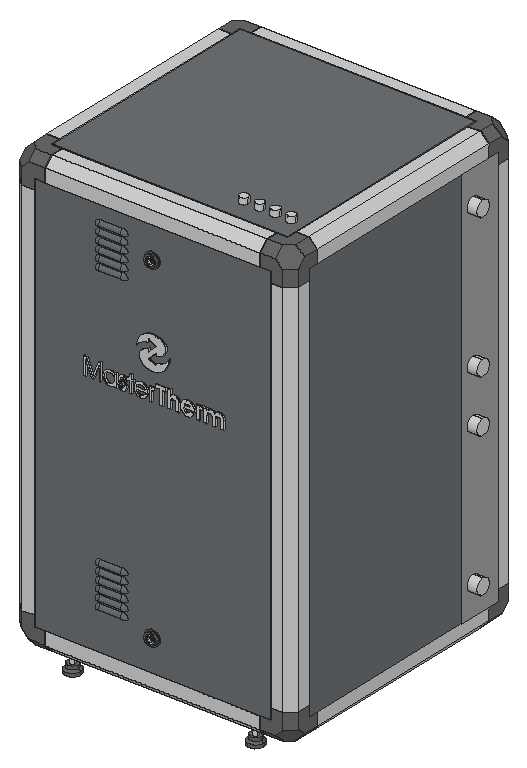
Revit family "AquaMaster-Inverter-P_ENG-RFA-2022", category Mechanické zařízení, Revit 2022
Family settings
  Kóta kulaté spojky = Použít průměr
  Typ dílu = Normální
  Číslo OmniClass = 23.75.00.00
  Nadpis OmniClass = Climate Control (HVAC)
  Založené na pracovní rovině = Ne
  Vždy vertikální = Ano
  Ořezat dutým tvarem při načtení = Ne
  Zachovat orientaci poznámky = Ne
  Sdílené = Ne
  Bod výpočtu místnosti = Ne
Parameters (values of type "AQ17IP")
  Výrobce = "Master Therm"  # constant formula
  Výchozí výška = 0.00 mm
  URL = "https://www.mastertherm.eu/aqua-master-inverter-p-heat-pump"
  Popis = "Ground-to-water heat pump (R290)"  # constant formula
  Model = if(MT_TYPE = 17, "AquaMaster 17 Inverter P", if(MT_TYPE = 22, "AquaMaster 22 Inverter P", if(MT_TYPE = 30, "AquaMaster 30 Inverter P", if(MT_TYPE = 37, "AquaMaster 37 Inverter P", "AquaMaster 45 Inverter P"))))  # "AquaMaster 17 Inverter P"
  MT_weight (kg) = if(MT_TYPE = 17, 75, if(MT_TYPE = 22, 80, if(MT_TYPE = 30, 165, 180)))  # 75
  MT_voltage (V) = if(MT_TYPE > 30, 400 V, 230 V)  # 230 V
  MT_service space_YES [instance] = no
  MT_pipe mat = MT_angle-corner
  MT_pipe connector mat = MT_RGB-130-130-130
  MT_max. current, incl. aux. heater (A) = if(or(MT_TYPE = 22, MT_TYPE = 37), 20 A, if(or(MT_TYPE = 30, MT_TYPE = 45), 25 A, 16 A))  # 16 A
  MT_ground height = 30.00 mm  # constant formula
  MT_frequency (Hz) = 50 Hz  # constant formula
  MT_clearance top = MT_case height + 600.00 mm  # 1440.00 mm
  MT_clearance right = if(MT_case height = 840.00 mm, 600.00 mm, 400.00 mm)  # 600.00 mm
  MT_clearance left = if(MT_case height = 840.00 mm, 200.00 mm, 400.00 mm)  # 200.00 mm
  MT_clearance front = 600.00 mm  # constant formula
  MT_clearance back = 200.00 mm  # constant formula
  MT_apparent power = 0 VA  # constant formula
  MT_active power = 0 W  # constant formula
  MT_hot water – inlet [instance] = 0.0 L/s
  MT_vent grille_YES = MT_TYPE < 30  # yes
  MT_brine – inlet [instance] = 0.0 L/s
  MT_hot water – outlet [instance] = 0.0 L/s
  MT_pipe connector_X = if(MT_case height = 1200.00 mm, MT_case width - 2.00 mm * 40, MT_case height - 2.00 mm * 40)  # 760.00 mm
  MT_pipe connector offset = if(MT_case height = 1200.00 mm, MT_case width - 40.00 mm, MT_case height - 40.00 mm)  # 800.00 mm
  MT_pipe connector_Y = if(MT_case height = 1200.00 mm, 120.00 mm, 85.00 mm)  # 85.00 mm
  MT_pipe connector angle = if(MT_case height = 1200.00 mm, 0.00°, 90.00°)  # 90.00°
  MT_pivot offset = if(MT_case height = 1200.00 mm, 0.00 mm, MT_case width)  # 526.00 mm
  MT_cover top_Y = MT_cover side_X  # 446.00 mm
  MT_cover top_X = MT_cover front_X  # 446.00 mm
  MT_cover side_Y = MT_cover front_Y  # 760.00 mm
  MT_cover side_X = MT_case depth - 2.00 mm * 40  # 446.00 mm
  MT_cover front_Y = MT_case height - 2.00 mm * 40  # 760.00 mm
  MT_cover front_X = MT_case width - 2.00 mm * 40  # 446.00 mm
  MT_center lock_YES = MT_TYPE < 30  # yes
  MT_case width = 526.00 mm  # constant formula
  MT_case mat = MT_RAL7016
  MT_case height = if(MT_TYPE > 22, 1200.00 mm, 840.00 mm)  # 840.00 mm
  MT_case depth = if(MT_TYPE > 22, 716.00 mm, 526.00 mm)  # 526.00 mm
  MT_angle offset = 60.00 mm  # constant formula
  MT_angle length_Z = MT_case height - 2 * MT_angle offset  # 720.00 mm
  MT_angle length_Y = MT_case depth - 2 * MT_angle offset  # 406.00 mm
  MT_angle length_X = MT_case width - 2 * MT_angle offset  # 406.00 mm
  MT_brine – outlet [instance] = 0.0 L/s
  MT_TYPE = 17
  MT_EO offset_X = if(MT_case height = 840.00 mm, 60.00 mm, 273.00 mm)  # 60.00 mm
  MT_EO diameter = if(MT_TYPE > 37, 35.00 mm, 28.00 mm)  # 28.00 mm
  MT_EI offset_X = if(MT_case height = 840.00 mm, 330.00 mm, 373.00 mm)  # 330.00 mm
  MT_EI diameter = if(MT_TYPE > 37, 35.00 mm, 28.00 mm)  # 28.00 mm
  MT_EC6 offset_Y = if(MT_TYPE > 22, 30.00 mm, 500.00 mm)  # 500.00 mm
  MT_EC6 offset_X = if(MT_case height = 1200.00 mm, 421.00 mm, 115.00 mm)  # 115.00 mm
  MT_EC5-EC6_YES = MT_TYPE > 22  # no
  MT_EC5 offset_Y = if(MT_TYPE > 22, 60.00 mm, 500.00 mm)  # 500.00 mm
  MT_EC5 offset_X = if(MT_case height = 1200.00 mm, 421.00 mm, 115.00 mm)  # 115.00 mm
  MT_EC4 offset_Y = if(MT_TYPE > 22, 90.00 mm, 500.00 mm)  # 500.00 mm
  MT_EC4 offset_X = if(MT_case height = 1200.00 mm, 421.00 mm, 115.00 mm)  # 115.00 mm
  MT_EC3 offset_Y = if(MT_TYPE > 22, 30.00 mm, 500.00 mm)  # 500.00 mm
  MT_EC3 offset_X = if(MT_TYPE > 22, 25.00 mm, 85.00 mm)  # 85.00 mm
  MT_EC2 offset_Y = if(MT_TYPE > 22, 60.00 mm, 500.00 mm)  # 500.00 mm
  MT_EC2 offset_X = if(MT_TYPE > 22, 25.00 mm, 55.00 mm)  # 55.00 mm
  MT_EC1 offset_Y = if(MT_TYPE > 22, 90.00 mm, 500.00 mm)  # 500.00 mm
  MT_EC1 offset_X = 25.00 mm  # constant formula
  MT_CosPhi = 0  # constant formula
  MT_CO offset_X = if(MT_case height = 840.00 mm, 700.00 mm, 173.00 mm)  # 700.00 mm
  MT_CO diameter = 28.00 mm  # constant formula
  MT_CI offset_X = if(MT_case height = 840.00 mm, 430.00 mm, 73.00 mm)  # 430.00 mm
  MT_CI diameter = 28.00 mm  # constant formula
  Komentáře k typům = "COMPRESSOR: BLDC Inverter; 20 – 60 rps; oil – (RFL68EP) – 0.74 l; max. op. current – 12 A; EVAPORATOR: PHE; AISI316; water flow (W/W) – 0.22 kg/s; min. flow – 0.17 kg/s; brine flow (B/W) – 0.18 kg/s; min. flow – 0.11 kg/s; temp. difference – 3 K; int. volume – 2.0 l; pump ext. head – 6.0 m; pump motor – 70 W; CONDENSER: PHE; AISI316; water flow – 0.12 kg/s; min. flow – 0.06 kg/s; temp. difference – 5 K; int. volume – 2.0 l; pump ext. head – 5.0 m; pump motor – 70 W; REFRIGERANT CIRCUIT: R290 (0.152 kg); AUX. HEATER (optional): not available; CONTROLS: controller – pCO5; EEV – yes; water probe – yes; mixing probe/output – yes (2x); SHW probe/output – yes; outdoor probe – yes; dynamic set point – yes; refrigerant probe – 2xPT; POWER SUPPLY: 1x230 V; 50 Hz; max. current – 16 A; DIMENSIONS: hot water, brine – 1\", 1\" (OD); 84x53x53 cm; 75 kg; LIMITS: max. water overpress. – 0.25 MPa; max. refr. overpress. – 3.1 MPa; brine min./max.: -5/+20 °C; water min./max.: 20/75 °C"
  El. connection = if(MT_TYPE > 22, "2xPG16; 4xPG13.5", "4xPG16")  # "4xPG16"
  EO_brine – outlet = if(MT_TYPE > 37, "5/4'' (OD)", "1'' (OD)")  # "1'' (OD)"
  EI_brine – inlet = if(MT_TYPE > 37, "5/4'' (OD)", "1'' (OD)")  # "1'' (OD)"
  Cena = 0
  CO_hot water – outlet = "1'' (OD)"  # constant formula
  COPYRIGHT = "© Master Therm tepelná čerpadla s. r. o."  # constant formula
  CI_hot water – inlet = "1'' (OD)"  # constant formula
Reference planes
  plane 1 "Střed (vpředu/vzadu)": y = 0
  plane 2: z = 0
  plane 3 "Střed (vlevo/vpravo)": x = 0
  plane 4 "side_cover": x = 263
  plane 5: x = -263
  plane 6 "front_cover": y = -263
  plane 7: y = 263
  plane 8: z = 870
  plane 9: z = 90
  plane 10: z = 810
  plane 11: x = -203
  plane 12: x = 203
  plane 13: y = -203
  plane 14: y = 203
  plane 15: z = 450
  plane 16 "MT_pivot point": x = 263
  plane 17 "MT_case bottom": z = 30
Forms (mm)
  Extrusion 1, solid, material "MT_RAL7016" <- "MT_case mat"
    sketch origin (0, 0, 0) x (1, 0, 0) y (0, 1, 0)
      loop
        line (-223, 223) -> (-223, -223) -> (223, -223) -> (223, 223) -> (-223, 223)
    from 30 to 870
  Extrusion 2, solid, material "MT_RAL7016" <- "MT_case mat"
    sketch origin (0, -263, 0) x (-1, 0, 0) y (0, 0, 1)
      loop
        line (223, 830) -> (-223, 830) -> (-223, 70) -> (223, 70) -> (223, 830)
    from 0 to 526 <- "MT_case depth"
  Extrusion 3, solid, material "MT_RAL7016" <- "MT_case mat"
    sketch origin (-263, 660.254, 1200) x (0, 1, 0) y (0, 0, 1)
      loop
        line (-883.254, -370) -> (-883.254, -1130) -> (-437.254, -1130) -> (-437.254, -370) -> (-883.254, -370)
    from 0 to 526 <- "MT_case width"
Lines and regions (mm)
  reference lines
    curve 1: line (263, 318, 870) -> (1603, 318, 870)
    curve 2: line (263, 318, 870) -> (263, 318, -1190)
    curve 3: line (-463, 463, 0) -> (863, 463, 0)
    curve 4: line (-463, -863, 0) -> (-463, 463, 0)
    curve 5: line (863, -863, 0) -> (-463, -863, 0)
    curve 6: line (863, 463, 0) -> (863, -863, 0)
    curve 7: line (-463, 463, 0) -> (-463, 463, 1440)
    curve 8: line (-463, 463, 1440) -> (863, 463, 1440)
    curve 9: line (863, 463, 0) -> (863, 463, 1440)
    curve 10: line (863, 463, 0) -> (863, 463, 1440)
    curve 11: line (863, 463, 1440) -> (863, -863, 1440)
    curve 12: line (863, -863, 0) -> (863, -863, 1440)
    curve 13: line (-463, 463, 1440) -> (-463, -863, 1440)
    curve 14: line (-463, -863, 0) -> (-463, -863, 1440)
    curve 15: line (-463, -863, 1440) -> (863, -863, 1440)
  model lines, style "MT_service space", visible <- "MT_service space_YES"
    curve 16: line (-463, -863, 1440) -> (863, -863, 1440)
    curve 17: line (-463, 463, 1440) -> (-463, -863, 1440)
    curve 18: line (-463, 463, 1440) -> (863, 463, 1440)
    curve 19: line (863, 463, 1440) -> (863, -863, 1440)
    curve 20: line (863, 463, 0) -> (863, -863, 0)
    curve 21: line (-463, 463, 0) -> (863, 463, 0)
    curve 22: line (863, -863, 0) -> (-463, -863, 0)
    curve 23: line (-463, -863, 0) -> (-463, 463, 0)
    curve 24: line (-463, -863, 0) -> (-463, -863, 1440)
    curve 25: line (-463, 463, 0) -> (-463, 463, 1440)
    curve 26: line (863, -863, 0) -> (863, -863, 1440)
    curve 27: line (863, 463, 0) -> (863, 463, 1440)
Dimensions and locks
  equal spacing: plane 5, plane 3 "Střed (vlevo/vpravo)", plane 4 "side_cover"
  "MT_case width": plane 5 to plane 4 "side_cover"
  equal spacing: plane 7, plane 1 "Střed (vpředu/vzadu)", plane 6 "front_cover"
  "MT_case depth": plane 7 to plane 6 "front_cover"
  "MT_case height": plane 8 to plane 17 "MT_case bottom"
  "MT_angle offset": plane 9 to plane 17 "MT_case bottom"
  "MT_angle offset": plane 8 to plane 10
  "MT_angle offset": plane 11 to plane 5
  "MT_angle offset": plane 4 "side_cover" to plane 12
  "MT_angle offset": plane 13 to plane 6 "front_cover"
  "MT_angle offset": plane 7 to plane 14
  equal spacing: Extrusion 1 sketch curve, plane 3 "Střed (vlevo/vpravo)", Extrusion 1 sketch curve
  "MT_cover top_X": Extrusion 1 sketch curve to Extrusion 1 sketch curve
  equal spacing: nested 17, plane 1 "Střed (vpředu/vzadu)", Extrusion 1 sketch curve
  "MT_cover top_Y": nested 17 to Extrusion 1 sketch curve
  equal spacing: Extrusion 2 sketch curve, plane 3 "Střed (vlevo/vpravo)", Extrusion 2 sketch curve
  "MT_cover front_X": Extrusion 2 sketch curve to Extrusion 2 sketch curve
  equal spacing: plane 8, plane 15, plane 17 "MT_case bottom"
  equal spacing: Extrusion 2 sketch curve, plane 15, Extrusion 2 sketch curve
  "MT_cover front_Y": Extrusion 2 sketch curve to Extrusion 2 sketch curve
  equal spacing: Extrusion 3 sketch curve, plane 15, Extrusion 3 sketch curve
  "MT_cover side_Y": Extrusion 3 sketch curve to Extrusion 3 sketch curve
  "MT_cover side_X": Extrusion 3 sketch curve to Extrusion 3 sketch curve
  equal spacing: Extrusion 3 sketch curve, plane 1 "Střed (vpředu/vzadu)", Extrusion 3 sketch curve
  locked: plane 8 to nested 23 at 100
  locked: nested 21 to plane 8 at 340
  locked: nested 22 to plane 8 at 150
  locked: plane 4 "side_cover" to nested 22 at 370
  "MT_pivot offset": plane 16 "MT_pivot point" to plane 5
  curve 1 to plane 8 = 0.00 mm
  "MT_pipe connector offset": nested 25 to curve 2
  "MT_clearance right": plane 4 "side_cover" to curve 6
  "MT_clearance left": curve 4 to plane 5
  "MT_clearance back": plane 7 to curve 3
  "MT_clearance front": plane 6 "front_cover" to curve 5
  "MT_clearance top": curve 15 to plane 2
  "MT_ground height": plane 17 "MT_case bottom" to plane 2
  locked: plane 6 "front_cover" to nested 26 at 28
  locked: plane 5 to nested 26 at 90
  locked: plane 5 to nested 28 at 90
  locked: nested 28 to plane 7 at 28
  locked: nested 27 to plane 4 "side_cover" at 90
  locked: nested 27 to plane 6 "front_cover" at 28
  locked: nested 29 to plane 7 at 28
  locked: nested 29 to plane 4 "side_cover" at 90
  locked: plane 4 "side_cover" to nested 24 at 370
  locked: nested 31 to plane 17 "MT_case bottom" at 100
  "MT_pipe connector angle": angle curve 2 to curve 1
  aligned and locked: level to plane 2
  aligned and locked: plane 7 to nested 2
  aligned and locked: plane 5 to nested 2
  aligned and locked: plane 6 "front_cover" to nested 3
  aligned and locked: nested 3 to plane 5
  aligned and locked: nested 4 to plane 4 "side_cover"
  aligned and locked: nested 4 to plane 6 "front_cover"
  aligned and locked: plane 4 "side_cover" to nested 5
  aligned and locked: nested 5 to plane 7
  aligned and locked: plane 6 "front_cover" to nested 1
  aligned and locked: nested 1 to plane 5
  aligned and locked: nested 6 to plane 6 "front_cover"
  aligned and locked: nested 6 to plane 4 "side_cover"
  aligned and locked: nested 7 to plane 7
  aligned and locked: plane 4 "side_cover" to nested 7
  aligned and locked: plane 5 to nested 8
  aligned and locked: plane 7 to nested 8
  aligned and locked: plane 8 to nested 6
  aligned and locked: plane 8 to nested 7
  aligned and locked: plane 8 to nested 1
  aligned and locked: plane 8 to nested 8
  aligned and locked: nested 3 to plane 9
  aligned and locked: nested 2 to plane 9
  aligned and locked: nested 4 to plane 9
  aligned and locked: nested 5 to plane 9
  aligned and locked: nested 13 to plane 11
  aligned and locked: nested 14 to plane 11
  aligned and locked: plane 8 to nested 14
  aligned and locked: nested 13 to plane 6 "front_cover"
  aligned and locked: plane 6 "front_cover" to nested 14
  aligned and locked: nested 15 to plane 13
  aligned and locked: nested 15 to plane 4 "side_cover"
  aligned and locked: plane 4 "side_cover" to nested 16
  aligned and locked: nested 16 to plane 13
  aligned and locked: plane 11 to nested 18
  aligned and locked: plane 7 to nested 18
  aligned and locked: plane 11 to nested 17
  aligned and locked: nested 17 to plane 7
  aligned and locked: nested 18 to plane 8
  aligned and locked: plane 13 to nested 20
  aligned and locked: plane 13 to nested 19
  aligned and locked: nested 19 to plane 5
  aligned and locked: plane 5 to nested 20
  aligned and locked: nested 19 to plane 8
  aligned and locked: nested 9 to plane 6 "front_cover"
  aligned and locked: plane 6 "front_cover" to nested 10
  aligned and locked: nested 12 to plane 7
  aligned and locked: nested 11 to plane 7
  aligned and locked: plane 5 to nested 11
  aligned and locked: plane 5 to nested 9
  aligned and locked: nested 12 to plane 4 "side_cover"
  aligned and locked: nested 10 to plane 4 "side_cover"
  aligned and locked: plane 8 to nested 15
  aligned and locked: plane 3 "Střed (vlevo/vpravo)" to nested 21
  aligned and locked: plane 16 "MT_pivot point" to curve 1
  aligned and locked: curve 2 to nested 25
  aligned and locked: curve 8 to curve 15
  aligned and locked: curve 13 to curve 15
  aligned and locked: curve 11 to curve 15
  aligned and locked: curve 16 to curve 15
  aligned and locked: curve 17 to curve 13
  aligned and locked: curve 18 to curve 8
  aligned and locked: curve 19 to curve 11
  aligned and locked: curve 20 to curve 6
  aligned and locked: curve 21 to curve 3
  aligned and locked: curve 22 to curve 5
  aligned and locked: curve 23 to curve 4
  aligned and locked: curve 24 to curve 14
  aligned and locked: curve 25 to curve 7
  aligned and locked: curve 26 to curve 12
  aligned and locked: curve 27 to curve 10
  aligned and locked: plane 17 "MT_case bottom" to nested 13
  aligned and locked: nested 17 to plane 17 "MT_case bottom"
  aligned and locked: plane 17 "MT_case bottom" to nested 9
  aligned and locked: plane 17 "MT_case bottom" to nested 11
  aligned and locked: Extrusion 1 to plane 17 "MT_case bottom"
  aligned and locked: nested 20 to plane 17 "MT_case bottom"
  aligned and locked: plane 17 "MT_case bottom" to nested 10
  aligned and locked: plane 17 "MT_case bottom" to nested 16
  aligned and locked: plane 17 "MT_case bottom" to nested 12
  aligned and locked: plane 8 to Extrusion 1
  aligned and locked: Extrusion 1 to nested 25
Automatic sketch dimensions
  curve 13 to curve 4 = 0.00 mm  (x2)
  curve 14 to curve 4 = 0.00 mm
  curve 10 to curve 6 = 0.00 mm  (x2)
  curve 6 to curve 12 = 0.00 mm
  curve 12 to curve 6 = 0.00 mm
  curve 7 to curve 3 = 0.00 mm  (x2)
  curve 9 to curve 3 = 0.00 mm  (x2)
  curve 24 to curve 14 = 0.00 mm  (x2)
  curve 14 to curve 25 = 0.00 mm  (x2)
  curve 26 to curve 12 = 0.00 mm  (x2)
  curve 27 to curve 12 = 0.00 mm  (x2)
  plane 14 to Extrusion 1 sketch curve = 20.00 mm
  curve 5 to curve 15 = 0.00 mm  (x2)
Nested families
  nested 1: "MT_corner-cap" at (-203, -263, 810) x (0, 1, 0) z (0, 0, 1), type "MT_corner-cap"
  nested 2: "MT_angle-cover" at (-263, 223, 90), MT_angle_lenght <- "MT_angle length_Z", type "MT_angle-cover"
    with MT_angle_lenght 720.00 mm
  nested 3: "MT_angle-cover" at (-223, -263, 90) x (0, 1, 0) z (0, 0, 1), MT_angle_lenght <- "MT_angle length_Z", type "MT_angle-cover"
    with MT_angle_lenght 720.00 mm
  nested 4: "MT_angle-cover" at (263, -223, 90) x (-1, 0, 0) z (0, 0, 1), MT_angle_lenght <- "MT_angle length_Z", type "MT_angle-cover"
    with MT_angle_lenght 720.00 mm
  nested 5: "MT_angle-cover" at (223, 263, 90) x (0, -1, 0) z (0, 0, 1), MT_angle_lenght <- "MT_angle length_Z", type "MT_angle-cover"
    with MT_angle_lenght 720.00 mm
  nested 6: "MT_corner-cap" at (263, -203, 810) x (-1, 0, 0) z (0, 0, 1), type "MT_corner-cap"
  nested 7: "MT_corner-cap" at (203, 263, 810) x (0, -1, 0) z (0, 0, 1), type "MT_corner-cap"
  nested 8: "MT_corner-cap" at (-263, 203, 810), type "MT_corner-cap"
  nested 9: "MT_corner-cap" at (-203, -263, 90) x (0, 1, 0) z (0, 0, -1), type "MT_corner-cap"
  nested 10: "MT_corner-cap" at (263, -203, 90) x (-1, 0, 0) z (0, 0, -1), type "MT_corner-cap"
  nested 11: "MT_corner-cap" at (-263, 203, 90) x (1, 0, 0) z (0, 0, -1), type "MT_corner-cap"
  nested 12: "MT_corner-cap" at (203, 263, 90) x (0, -1, 0) z (0, 0, -1), type "MT_corner-cap"
  nested 13: "MT_angle-cover" at (-203, -223, 30) x (0, 0, 1) z (1, 0, 0), MT_angle_lenght <- "MT_angle length_X", type "MT_angle-cover"
    with MT_angle_lenght 406.00 mm
  nested 14: "MT_angle-cover" at (-203, -263, 830) x (0, 1, 0) z (1, 0, 0), MT_angle_lenght <- "MT_angle length_X", type "MT_angle-cover"
    with MT_angle_lenght 406.00 mm
  nested 15: "MT_angle-cover" at (263, -203, 830) x (-1, 0, 0) z (0, 1, 0), MT_angle_lenght <- "MT_angle length_Y", type "MT_angle-cover"
    with MT_angle_lenght 406.00 mm
  nested 16: "MT_angle-cover" at (223, -203, 30) x (0, 0, 1) z (0, 1, 0), MT_angle_lenght <- "MT_angle length_Y", type "MT_angle-cover"
    with MT_angle_lenght 406.00 mm
  nested 17: "MT_angle-cover" at (-203, 223, 30) x (0, 0, 1) z (1, 0, 0), MT_angle_lenght <- "MT_angle length_X", type "MT_angle-cover"
    with MT_angle_lenght 406.00 mm
  nested 18: "MT_angle-cover" at (-203, 263, 830) x (0, -1, 0) z (1, 0, 0), MT_angle_lenght <- "MT_angle length_X", type "MT_angle-cover"
    with MT_angle_lenght 406.00 mm
  nested 19: "MT_angle-cover" at (-263, -203, 830) x (1, 0, 0) z (0, 1, 0), MT_angle_lenght <- "MT_angle length_Y", type "MT_angle-cover"
    with MT_angle_lenght 406.00 mm
  nested 20: "MT_angle-cover" at (-223, -203, 30) x (0, 0, 1) z (0, 1, 0), MT_angle_lenght <- "MT_angle length_Y", type "MT_angle-cover"
    with MT_angle_lenght 406.00 mm
  nested 21: "MT_logo" at (-127.744, -263, 530) x (1, 0, 0) z (0, -1, 0), type "MT_logo"
  nested 22: "MT_vent-grille" at (-107, -263, 720) x (1, 0, 0) z (0, -1, 0), visible <- "MT_vent grille_YES", type "MT_vent-grille"
  nested 23: "MT_case-lock" at (0, -263, 770) x (1, 0, 0) z (0, -1, 0), visible <- "MT_center lock_YES", type "MT_case-lock"
  nested 24: "MT_vent-grille" at (-107, -263, 145) x (1, 0, 0) z (0, -1, 0), visible <- "MT_vent grille_YES", type "MT_vent-grille"
  nested 25: "MT_pipe connector" at (263, 223, 830) x (0, 0, -1) z (1, 0, 0), type "MT_pipe connector"
    with MT_pipe connector_X2 760.00 mm, MT_pipe connector_Y2 85.00 mm, MT_EO offset_X2 60.00 mm, MT_EI offset_X2 330.00 mm, MT_CO offset_X2 700.00 mm, MT_CI offset_X2 430.00 mm
  nested 26: "MT_adj feet" at (-173, -235, 0), type "MT_adj feet"
  nested 27: "MT_adj feet" at (173, -235, 0), type "MT_adj feet"
  nested 28: "MT_adj feet" at (-173, 235, 0), type "MT_adj feet"
  nested 29: "MT_adj feet" at (173, 235, 0), type "MT_adj feet"
  nested 30: "MT_el-connector" at (-537, 318, 870), type "MT_el-connector"
    with MT_EC5-EC6_YES2 no, MT_EC6_Y2 500.00 mm, MT_EC6_X2 115.00 mm, MT_EC5_Y2 500.00 mm, MT_EC5_X2 115.00 mm, MT_EC4_Y2 500.00 mm, MT_EC4_X2 115.00 mm, MT_EC3_Y2 500.00 mm, MT_EC3_X2 85.00 mm, MT_EC2_Y2 500.00 mm, MT_EC2_X2 55.00 mm, MT_EC1_Y2 500.00 mm, MT_EC1_X2 25.00 mm
  nested 31: "MT_case-lock" at (0, -263, 130) x (1, 0, 0) z (0, -1, 0), visible <- "MT_center lock_YES", type "MT_case-lock"
Connectors
  piping at (284, 163, 500), diameter 28, driven by "MT_CI diameter", driven by "MT_hot water – inlet", driven by "CI_hot water – inlet"
    settings: on nested 25, index 1, connector inside diameter 609.60 mm, connector length 0.00 mm, flow factor 1, pipe flow 0.0 L/s, pressure drop 0.0 Pa, fitting loss kfactor 0, connector angle 0.00°, fixture units 0, engagement length 0.00 mm, angle of deflection 0.00°, flow configuration 2, flow direction 1, fitting loss method 0, system type 29, joint type 0, gender type 0, connector reference index -1, connector utility 0, adjustable connector no, is connector primary yes, connector description "1'' (OD)"
  piping at (284, 163, 770), diameter 28, driven by "MT_CO diameter", driven by "MT_hot water – outlet", driven by "CO_hot water – outlet"
    settings: on nested 25, index 2, connector inside diameter 609.60 mm, connector length 0.00 mm, flow factor 1, pipe flow 0.0 L/s, pressure drop 0.0 Pa, fitting loss kfactor 0, connector angle 0.00°, fixture units 0, engagement length 0.00 mm, angle of deflection 0.00°, flow configuration 2, flow direction 2, fitting loss method 0, system type 29, joint type 0, gender type 0, connector reference index -1, connector utility 0, adjustable connector no, is connector primary no, connector description "1'' (OD)"
  piping at (284, 163, 130), diameter 28, driven by "MT_EO diameter", driven by "MT_brine – outlet", driven by "EO_brine – outlet"
    settings: on nested 25, index 5, connector inside diameter 609.60 mm, connector length 0.00 mm, flow factor 0, pipe flow 0.0 L/s, pressure drop 0.0 Pa, fitting loss kfactor 0, connector angle 0.00°, fixture units 0, engagement length 0.00 mm, angle of deflection 0.00°, flow configuration 1, flow direction 2, fitting loss method 0, system type 29, joint type 0, gender type 0, connector reference index -1, connector utility 0, adjustable connector no, is connector primary no, connector description "1'' (OD)"
  piping at (284, 163, 400), diameter 28, driven by "MT_EI diameter", driven by "MT_brine – inlet", driven by "EI_brine – inlet"
    settings: on nested 25, index 6, connector inside diameter 609.60 mm, connector length 0.00 mm, flow factor 0, pipe flow 0.0 L/s, pressure drop 0.0 Pa, fitting loss kfactor 0, connector angle 0.00°, fixture units 0, engagement length 0.00 mm, angle of deflection 0.00°, flow configuration 1, flow direction 1, fitting loss method 0, system type 29, joint type 0, gender type 0, connector reference index -1, connector utility 0, adjustable connector no, is connector primary no, connector description "1'' (OD)"
  electrical at (198, -182, 881), driven by "MT_voltage (V)", driven by "MT_apparent power", driven by "MT_CosPhi", driven by "El. connection"
    settings: on nested 30, index 9, voltage 230 V, apparent load 0 VA, apparent load phase1 0 VA, apparent load phase2 0 VA, apparent load phase3 0 VA, power factor 0, load classification "Další", number of poles 1, system type 30, power factor state 1, is connector primary yes, connector utility no, sub classification motor no, connector description "4xPG16"
Definition of nested family "MT_corner-cap"
  Parameters (values of type "MT_corner-cap")
    Default Elevation = 0.00 mm
    MT_corner-cap = none
  Reference planes
    plane 1 "Střed (vpředu/vzadu)": y = 0
    plane 2: z = 0
    plane 3 "Střed (vlevo/vpravo)": x = 0
    plane 4: y = 44
    plane 5: x = 16
    plane 6 "cp1": through (-50.749, 80.749, 1200) normal (0.7071, 0.7071, 0)
    plane 7: through (30, 44, 1200) normal (0.7071, -0.7071, 0)
  Forms (mm)
    Extrusion 1, solid, material <- "MT_corner-cap"
      sketch origin (0, 0, 0) x (1, 0, 0) y (0, 1, 0)
        loop
          line (60, 60) -> (0, 60) -> (0, 0) -> (60, 0) -> (60, 60)
      from 0 to 60
    Extrusion 2, void
      sketch origin (0, 0, 0) x (1, 0, 0) y (0, 1, 0)
        loop
          line (40, 20) -> (40, 0) -> (60, 0) -> (60, 20) -> (40, 20)
      from 0 to 60
    Extrusion 3, void
      sketch origin (0, 0, 0) x (1, 0, 0) y (0, 0, 1)
        loop
          line (16, 60) -> (0, 60) -> (0, 44) -> (16, 60)
      from 0 to -60
    Extrusion 4, void
      sketch origin (0, 0, 0) x (0, 1, 0) y (0, 0, 1)
        loop
          line (44, 60) -> (60, 44) -> (60, 60) -> (44, 60)
      from 0 to 60
    Extrusion 5, void
      sketch origin (0, 0, 0) x (1, 0, 0) y (0, 1, 0)
        loop
          line (16, 60) -> (0, 60) -> (0, 44) -> (16, 60)
      from 0 to 60
    Extrusion 6, void
      sketch origin (0, 0, 0) x (0, 1, 0) y (0, 0, 1)
        loop
          line (0, 0) -> (20, 0) -> (20, 20) -> (0, 20) -> (0, 0)
      from 0 to 60
    Extrusion 7, void
      sketch origin (0, 0, 0) x (1, 0, 0) y (0, 0, 1)
        loop
          line (60, 0) -> (60, 20) -> (40, 20) -> (40, 0) -> (60, 0)
      from 0 to -60
    Extrusion 8, void
      sketch origin (15, 15, 0) x (-0.707107, 0.707107, 0) y (0, 0, 1)
        loop
          line (9.899, 60) -> (31.113, 29.704) -> (31.113, 60) -> (9.899, 60)
      from -50 to 60
  Cuts and joins
    Extrusion 2, Extrusion 3, Extrusion 4, Extrusion 5, Extrusion 6, Extrusion 7, Extrusion 8 cuts Extrusion 1
  Dimensions and locks
    aligned and locked: level to plane 2
Definition of nested family "MT_angle-cover"
  Parameters (values of type "MT_angle-cover")
    Default Elevation = 0.00 mm
    MT_angle_lenght [instance] = 500.00 mm
    MT_angle-corner = none
  Reference planes
    plane 1 "Střed (vpředu/vzadu)": y = 0
    plane 2: z = 0
    plane 3 "Střed (vlevo/vpravo)": x = 0
    plane 4: through (2.328, 26.328, 1200) normal (-0.7071, 0.7071, 0)
    plane 5: z = 500
  Forms (mm)
    Extrusion 1, solid, material <- "MT_angle-corner"
      sketch origin (0, 0, 0) x (1, 0, 0) y (0, 1, 0)
        loop
          line (40, 0) -> (40, 40) -> (0, 40) -> (0, 0) -> (40, 0)
      from 0 to 500
    Extrusion 2, void
      sketch origin (0, 0, 0) x (1, 0, 0) y (0, 1, 0)
        loop
          line (16, 40) -> (0, 40) -> (0, 24) -> (16, 40)
      from 0 to 500
  Cuts and joins
    Extrusion 2 cuts Extrusion 1
  Dimensions and locks
    "MT_angle_lenght": plane 5 to plane 2
    aligned and locked: level to plane 2
    aligned and locked: plane 5 to cut or joined group of Extrusion 1, Extrusion 2
    aligned and locked: Extrusion 1 to Extrusion 2
  Automatic sketch dimensions
    plane 1 "Střed (vpředu/vzadu)" to Extrusion 1 sketch curve = 0.00 mm
    Extrusion 1 sketch curve to plane 3 "Střed (vlevo/vpravo)" = 0.00 mm
    plane 3 "Střed (vlevo/vpravo)" to Extrusion 1 sketch curve = 40.00 mm
    Extrusion 1 sketch curve to plane 1 "Střed (vpředu/vzadu)" = 40.00 mm
    Extrusion 2 sketch curve to plane 3 "Střed (vlevo/vpravo)" = 0.00 mm
    Extrusion 2 sketch curve to plane 4 = 0.00 mm  (x2)
    plane 3 "Střed (vlevo/vpravo)" to Extrusion 2 sketch curve = 16.00 mm
Definition of nested family "MT_logo"
  Parameters (values of type "MT_logo")
    Default Elevation = 1219.20 mm
    MT_logo_thickness = 2.00 mm  # constant formula
    MT_logo-mat = none
  Reference planes
    plane 1 "Střed (vpředu/vzadu)": y = 0
    plane 2: z = 0
    plane 3 "Střed (vlevo/vpravo)": x = 0
    plane 4: z = 500
  Forms (mm)
    Extrusion 1, solid, material <- "MT_logo-mat"
      sketch origin (0, 0, 0) x (1, 0, 0) y (0, 1, 0)
        loop
          line (121.917, 83.115) -> (121.917, 89.033)
          spline (121.917, 89.033) -> (110.145, 82.837) -> (105.846, 77.019) -> (105.128, 68.563) -> (108.491, 61.778) -> (115.441, 56.783) -> (123.535, 53.995) -> (131.475, 53.389) -> (140.079, 54.8) -> (147.361, 58.494) -> (153.914, 64.28) -> (158.046, 70.722) -> (161.285, 84.245)
          spline (161.285, 84.245) -> (159.714, 81.035) -> (158.469, 78.973) -> (157.232, 77.31) -> (155.703, 75.688) -> (154.145, 74.345) -> (152.518, 73.263) -> (150.782, 72.272) -> (149.103, 71.471) -> (147.157, 70.679) -> (145.071, 69.992) -> (142.28, 69.29) -> (137.169, 68.49)
          line (137.169, 68.49) -> (137.169, 62.54) -> (122.426, 71.891) -> (137.508, 86.378) -> (137.508, 81.245)
          spline (137.508, 81.245) -> (148.499, 86.345) -> (153.768, 92.083) -> (155.179, 100.068) -> (150.966, 107.004) -> (143.87, 111.829) -> (136.075, 114.436) -> (127.817, 115.037) -> (119.6, 113.109) -> (112.274, 109.305) -> (106.232, 103.604) -> (102.088, 96.604) -> (99.294, 87.5)
          spline (99.294, 87.5) -> (101.565, 90.388) -> (102.94, 91.895) -> (104.349, 93.203) -> (105.825, 94.353) -> (107.436, 95.41) -> (109.18, 96.419) -> (110.713, 97.202) -> (112.43, 97.92) -> (114.46, 98.648) -> (116.41, 99.244) -> (118.729, 99.788) -> (122.07, 100.334)
          line (122.07, 100.334) -> (122.07, 105.76) -> (137.041, 97.426) -> (121.917, 83.115)
        loop
          line (0, 1.019) -> (3.59, 1.019) -> (3.59, 28.94) -> (14.436, 1.019) -> (17.898, 1.019) -> (28.975, 28.825) -> (28.975, 1.019) -> (32.206, 1.019) -> (32.206, 33.78) -> (27.245, 33.78) -> (16.398, 6.228) -> (5.274, 33.78) -> (0, 33.78) -> (0, 1.019)
        loop
          spline (48.751, 23.273) -> (46.388, 22.939) -> (44.186, 21.958) -> (42.296, 20.397) -> (40.845, 18.364) -> (39.933, 15.995) -> (39.622, 13.454) -> (39.933, 10.912) -> (40.845, 8.544) -> (42.296, 6.51) -> (44.186, 4.95) -> (46.388, 3.969) -> (48.751, 3.634)
          spline (48.751, 3.634) -> (51.114, 3.969) -> (53.316, 4.95) -> (55.207, 6.51) -> (56.657, 8.544) -> (57.57, 10.912) -> (57.881, 13.454) -> (57.57, 15.995) -> (56.657, 18.364) -> (55.207, 20.397) -> (53.316, 21.958) -> (51.114, 22.939) -> (48.751, 23.273)
        loop
          line (57.881, 4.324) -> (57.881, 1.019) -> (61.48, 1.019) -> (61.48, 25.889) -> (57.881, 25.889) -> (57.881, 22.583)
          arc (57.881, 22.583) -> (35.84, 13.454) -> (57.881, 4.324) r 12.911
        loop
          line (86.125, 22.492) -> (86.125, 1.019) -> (89.717, 1.019) -> (89.717, 22.492) -> (94.365, 22.492) -> (94.365, 25.974) -> (89.717, 25.974) -> (89.717, 33.78) -> (86.125, 33.78) -> (86.125, 25.974) -> (81.583, 25.974) -> (81.583, 22.492) -> (86.125, 22.492)
        loop
          spline (120.897, 12.309) -> (120.024, 18.831) -> (116.177, 24.119) -> (110.308, 26.865) -> (103.866, 26.393) -> (98.443, 22.817) -> (95.38, 17.023) -> (95.433, 10.441) -> (98.589, 4.698) -> (104.069, 1.214) -> (110.518, 0.85) -> (116.342, 3.694) -> (120.103, 9.046)
          line (120.103, 9.046) -> (115.947, 9.046)
          arc (115.947, 9.046) -> (106.228, 4.674) -> (98.794, 12.309) r 9.292
          line (98.794, 12.309) -> (120.897, 12.309)
        loop
          arc (117.067, 15.67) -> (107.965, 23.094) -> (98.863, 15.67) r 9.292
          line (98.863, 15.67) -> (117.067, 15.67)
        loop
          line (127.532, 23.758) -> (127.532, 25.763) -> (124.152, 25.763) -> (124.152, 1.019) -> (127.744, 1.019) -> (127.744, 17.742)
          arc (127.744, 17.742) -> (129.492, 21.42) -> (133.448, 22.386) r 4.742
          line (133.448, 22.386) -> (133.448, 26.185)
          arc (133.448, 26.185) -> (130.172, 25.746) -> (127.532, 23.758) r 6.521
        loop
          line (142.488, 27.585) -> (142.488, 1.019) -> (149.221, 1.019) -> (149.221, 27.585) -> (155.139, 27.585) -> (155.139, 33.78) -> (136.199, 33.78) -> (136.199, 27.585) -> (142.488, 27.585)
        loop
          line (163.722, 23.699) -> (163.722, 33.78) -> (157.581, 33.78) -> (157.581, 1.019) -> (163.722, 1.019) -> (163.722, 15.196) -> (164.016, 16.209) -> (164.307, 17.043)
          spline (164.307, 17.043) -> (165.574, 19.017) -> (166.288, 19.627) -> (167.046, 19.939) -> (167.922, 20.095) -> (168.858, 20.117) -> (169.737, 20.047) -> (170.514, 19.896) -> (171.213, 19.639) -> (171.861, 19.183) -> (172.492, 18.376) -> (173.129, 16.993) -> (173.784, 14.722)
          line (173.784, 14.722) -> (173.784, 1.019) -> (179.925, 1.019) -> (179.925, 17.901) -> (179.719, 18.903) -> (179.478, 19.785) -> (179.206, 20.559)
          spline (179.206, 20.559) -> (177.54, 23.133) -> (176.649, 24.126) -> (175.805, 24.812) -> (174.74, 25.392) -> (173.552, 25.805) -> (172.356, 26.102) -> (171.177, 26.31) -> (169.954, 26.379) -> (168.782, 26.283) -> (167.632, 25.964) -> (166.13, 25.259) -> (163.722, 23.699)
        loop
          line (201.474, 9.046) -> (208.133, 9.046)
          arc (208.133, 9.046) -> (182.997, 16.783) -> (208.746, 11.428) r 13.164
          line (208.746, 11.428) -> (189.256, 11.428)
          arc (189.256, 11.428) -> (194.561, 6.116) -> (201.474, 9.046) r 6.713
        loop
          arc (218.123, 16.511) -> (220.269, 19.589) -> (223.891, 20.572) r 5.496
          line (223.891, 20.572) -> (223.891, 26.204)
          arc (223.891, 26.204) -> (220.639, 25.706) -> (217.926, 23.846) r 7.389
          line (217.926, 23.846) -> (217.926, 25.877) -> (212.223, 25.877) -> (212.223, 1.019) -> (218.123, 1.019) -> (218.123, 16.511)
        loop
          line (247.851, 22.442) -> (246.299, 24.112) -> (244.867, 25.185) -> (242.957, 26.02) -> (240.37, 26.418) -> (238.261, 26.418) -> (236.152, 26.02) -> (234.401, 25.145) -> (232.689, 23.615) -> (232.689, 26.083) -> (226.986, 26.083) -> (226.986, 1.019) -> (232.748, 1.019) -> (232.748, 14.448) -> (233.34, 17.357)
          spline (233.34, 17.357) -> (234.506, 19.355) -> (235.184, 19.986) -> (235.918, 20.326) -> (236.775, 20.516) -> (237.696, 20.576) -> (238.565, 20.544) -> (239.338, 20.427) -> (240.037, 20.203) -> (240.695, 19.781) -> (241.35, 19.012) -> (242.035, 17.676) -> (242.775, 15.466)
          line (242.775, 15.466) -> (242.86, 14.628) -> (242.86, 1.019) -> (248.975, 1.019) -> (248.975, 14.569) -> (249.557, 17.438)
          spline (249.557, 17.438) -> (250.835, 19.335) -> (251.546, 19.906) -> (252.3, 20.191) -> (253.167, 20.318) -> (254.083, 20.313) -> (254.93, 20.222) -> (255.671, 20.053) -> (256.335, 19.782) -> (256.987, 19.317) -> (257.707, 18.521) -> (258.378, 17.179) -> (258.676, 14.994)
          line (258.676, 14.994) -> (258.676, 1.019) -> (264.674, 1.019) -> (264.674, 17.434)
          arc (264.674, 17.434) -> (258.13, 26.21) -> (247.851, 22.442) r 9.157
        loop
          arc (202.325, 16.381) -> (195.967, 21.024) -> (189.609, 16.381) r 6.674
          line (189.609, 16.381) -> (202.325, 16.381)
        loop
          line (68.145, 9.214) -> (64.677, 9.214)
          spline (64.677, 9.214) -> (66.736, 2.941) -> (70.193, 0.755) -> (74.263, 0.624) -> (78.153, 2.473) -> (80.209, 6.016) -> (80.272, 10.226) -> (77.925, 13.665) -> (74.022, 15.517) -> (70.206, 17.334) -> (69.88, 21.172) -> (73.486, 23.019) -> (76.3, 19.489)
          line (76.3, 19.489) -> (80.206, 19.489)
          spline (80.206, 19.489) -> (78.17, 24.592) -> (74.379, 26.486) -> (70.2, 26.139) -> (66.87, 23.387) -> (65.595, 19.397) -> (66.987, 15.501) -> (70.465, 13.143) -> (74.571, 10.894) -> (76.598, 7.617) -> (74.259, 4.16) -> (70.271, 4.49) -> (68.145, 9.214)
      from 0 to 2 <- "MT_logo_thickness"
  Dimensions and locks
    plane 4 to plane 2 = 500.00 mm
    aligned and locked: level to plane 2
Definition of nested family "MT_vent-grille"
  Parameters (values of type "MT_vent-grille")
    Default Elevation = 0.00 mm
    MT_vent grille mat = none
  Reference planes
    plane 1 "Střed (vpředu/vzadu)": y = 0
    plane 2: z = 0
    plane 3 "Střed (vlevo/vpravo)": x = 0
    plane 4: y = 0
    plane 5: y = 0
    plane 6: y = 15
    plane 7: y = 30
    plane 8: y = 45
    plane 9: y = 60
    plane 10: y = 75
  Forms (mm)
    Revolve 1, solid, material <- "MT_vent grille mat"
      sketch origin (29.178, 0, 1200) x (1, 0, 0) y (0, 0, 1)
        loop
          arc (30.822, -1200) -> (26.978, -1196.222) -> (21.784, -1194.782) r 10.758
          line (21.784, -1194.782) -> (21.784, -1200) -> (30.822, -1200)
        axis (21.784, -1194.782) -> (21.784, -1200)
      angle from 0 to 90
    Extrusion 2, solid, material <- "MT_vent grille mat"
      sketch origin (0, 0, 0) x (0, 1, 0) y (0, 0, 1)
        loop
          line (0, 5.218) -> (0, 0) -> (9.038, 0)
          arc (9.038, 0) -> (5.194, 3.778) -> (0, 5.218) r 10.758
      from 9.038 to 50.962
    Revolve 3, solid, material <- "MT_vent grille mat"
      sketch origin (28.882, 0, 1200) x (1, 0, 0) y (0, 0, 1)
        loop
          line (-28.882, -1200) -> (-19.844, -1200) -> (-19.844, -1194.782)
          arc (-19.844, -1194.782) -> (-25.038, -1196.222) -> (-28.882, -1200) r 10.758
        axis (-19.844, -1194.782) -> (-19.844, -1200)
      angle from 0 to 90
    Revolve 4, solid, not visible
      sketch origin (29.178, 0, 1200) x (1, 0, 0) y (0, 0, 1)
        loop
          arc (30.822, -1200) -> (26.978, -1196.222) -> (21.784, -1194.782) r 10.758
          line (21.784, -1194.782) -> (21.784, -1200) -> (30.822, -1200)
        axis (21.784, -1194.782) -> (21.784, -1200)
      angle from 0 to 90
    Extrusion 5, solid, not visible
      sketch origin (0, 0, 0) x (0, 1, 0) y (0, 0, 1)
        loop
          line (0, 5.218) -> (0, 0) -> (9.038, 0)
          arc (9.038, 0) -> (5.194, 3.778) -> (0, 5.218) r 10.758
      from 9.038 to 50.962
    Revolve 6, solid, not visible
      sketch origin (28.882, 0, 1200) x (1, 0, 0) y (0, 0, 1)
        loop
          line (-28.882, -1200) -> (-19.844, -1200) -> (-19.844, -1194.782)
          arc (-19.844, -1194.782) -> (-25.038, -1196.222) -> (-28.882, -1200) r 10.758
        axis (-19.844, -1194.782) -> (-19.844, -1200)
      angle from 0 to 90
    Revolve 7, solid, material <- "MT_vent grille mat"
      sketch origin (29.178, 15, 1200) x (1, 0, 0) y (0, 0, 1)
        loop
          arc (30.822, -1200) -> (26.978, -1196.222) -> (21.784, -1194.782) r 10.758
          line (21.784, -1194.782) -> (21.784, -1200) -> (30.822, -1200)
        axis (21.784, -1194.782) -> (21.784, -1200)
      angle from 0 to 90
    Extrusion 8, solid, material <- "MT_vent grille mat"
      sketch origin (0, 15, 0) x (0, 1, 0) y (0, 0, 1)
        loop
          line (0, 5.218) -> (0, 0) -> (9.038, 0)
          arc (9.038, 0) -> (5.194, 3.778) -> (0, 5.218) r 10.758
      from 9.038 to 50.962
    Revolve 9, solid, material <- "MT_vent grille mat"
      sketch origin (28.882, 15, 1200) x (1, 0, 0) y (0, 0, 1)
        loop
          line (-28.882, -1200) -> (-19.844, -1200) -> (-19.844, -1194.782)
          arc (-19.844, -1194.782) -> (-25.038, -1196.222) -> (-28.882, -1200) r 10.758
        axis (-19.844, -1194.782) -> (-19.844, -1200)
      angle from 0 to 90
    Revolve 10, solid, material <- "MT_vent grille mat"
      sketch origin (29.178, 30, 1200) x (1, 0, 0) y (0, 0, 1)
        loop
          arc (30.822, -1200) -> (26.978, -1196.222) -> (21.784, -1194.782) r 10.758
          line (21.784, -1194.782) -> (21.784, -1200) -> (30.822, -1200)
        axis (21.784, -1194.782) -> (21.784, -1200)
      angle from 0 to 90
    Extrusion 11, solid, material <- "MT_vent grille mat"
      sketch origin (0, 30, 0) x (0, 1, 0) y (0, 0, 1)
        loop
          line (0, 5.218) -> (0, 0) -> (9.038, 0)
          arc (9.038, 0) -> (5.194, 3.778) -> (0, 5.218) r 10.758
      from 9.038 to 50.962
    Revolve 12, solid, material <- "MT_vent grille mat"
      sketch origin (28.882, 30, 1200) x (1, 0, 0) y (0, 0, 1)
        loop
          line (-28.882, -1200) -> (-19.844, -1200) -> (-19.844, -1194.782)
          arc (-19.844, -1194.782) -> (-25.038, -1196.222) -> (-28.882, -1200) r 10.758
        axis (-19.844, -1194.782) -> (-19.844, -1200)
      angle from 0 to 90
    Revolve 13, solid, material <- "MT_vent grille mat"
      sketch origin (29.178, 45, 1200) x (1, 0, 0) y (0, 0, 1)
        loop
          arc (30.822, -1200) -> (26.978, -1196.222) -> (21.784, -1194.782) r 10.758
          line (21.784, -1194.782) -> (21.784, -1200) -> (30.822, -1200)
        axis (21.784, -1194.782) -> (21.784, -1200)
      angle from 0 to 90
    Extrusion 14, solid, material <- "MT_vent grille mat"
      sketch origin (0, 45, 0) x (0, 1, 0) y (0, 0, 1)
        loop
          line (0, 5.218) -> (0, 0) -> (9.038, 0)
          arc (9.038, 0) -> (5.194, 3.778) -> (0, 5.218) r 10.758
      from 9.038 to 50.962
    Revolve 15, solid, material <- "MT_vent grille mat"
      sketch origin (28.882, 45, 1200) x (1, 0, 0) y (0, 0, 1)
        loop
          line (-28.882, -1200) -> (-19.844, -1200) -> (-19.844, -1194.782)
          arc (-19.844, -1194.782) -> (-25.038, -1196.222) -> (-28.882, -1200) r 10.758
        axis (-19.844, -1194.782) -> (-19.844, -1200)
      angle from 0 to 90
    Revolve 16, solid, material <- "MT_vent grille mat"
      sketch origin (29.178, 60, 1200) x (1, 0, 0) y (0, 0, 1)
        loop
          arc (30.822, -1200) -> (26.978, -1196.222) -> (21.784, -1194.782) r 10.758
          line (21.784, -1194.782) -> (21.784, -1200) -> (30.822, -1200)
        axis (21.784, -1194.782) -> (21.784, -1200)
      angle from 0 to 90
    Extrusion 17, solid, material <- "MT_vent grille mat"
      sketch origin (0, 60, 0) x (0, 1, 0) y (0, 0, 1)
        loop
          line (0, 5.218) -> (0, 0) -> (9.038, 0)
          arc (9.038, 0) -> (5.194, 3.778) -> (0, 5.218) r 10.758
      from 9.038 to 50.962
    Revolve 18, solid, material <- "MT_vent grille mat"
      sketch origin (28.882, 60, 1200) x (1, 0, 0) y (0, 0, 1)
        loop
          line (-28.882, -1200) -> (-19.844, -1200) -> (-19.844, -1194.782)
          arc (-19.844, -1194.782) -> (-25.038, -1196.222) -> (-28.882, -1200) r 10.758
        axis (-19.844, -1194.782) -> (-19.844, -1200)
      angle from 0 to 90
    Revolve 19, solid, material <- "MT_vent grille mat"
      sketch origin (29.178, 75, 1200) x (1, 0, 0) y (0, 0, 1)
        loop
          arc (30.822, -1200) -> (26.978, -1196.222) -> (21.784, -1194.782) r 10.758
          line (21.784, -1194.782) -> (21.784, -1200) -> (30.822, -1200)
        axis (21.784, -1194.782) -> (21.784, -1200)
      angle from 0 to 90
    Extrusion 20, solid, material <- "MT_vent grille mat"
      sketch origin (0, 75, 0) x (0, 1, 0) y (0, 0, 1)
        loop
          line (0, 5.218) -> (0, 0) -> (9.038, 0)
          arc (9.038, 0) -> (5.194, 3.778) -> (0, 5.218) r 10.758
      from 9.038 to 50.962
    Revolve 21, solid, material <- "MT_vent grille mat"
      sketch origin (28.882, 75, 1200) x (1, 0, 0) y (0, 0, 1)
        loop
          line (-28.882, -1200) -> (-19.844, -1200) -> (-19.844, -1194.782)
          arc (-19.844, -1194.782) -> (-25.038, -1196.222) -> (-28.882, -1200) r 10.758
        axis (-19.844, -1194.782) -> (-19.844, -1200)
      angle from 0 to 90
  Cuts and joins
    joined: Revolve 1, Extrusion 2, Revolve 3
    joined: Revolve 7, Extrusion 8, Revolve 9
    joined: Revolve 10, Extrusion 11, Revolve 12
    joined: Revolve 13, Extrusion 14, Revolve 15
    joined: Revolve 16, Extrusion 17, Revolve 18
    joined: Revolve 19, Extrusion 20, Revolve 21
  Dimensions and locks
    equal spacing: group 2, group 3, group 4, group 5, group 6, group 7  (x3)
    aligned and locked: level to plane 2
    aligned and locked: Extrusion 2 to Revolve 1
    aligned and locked: Extrusion 2 to Revolve 3
    aligned and locked: Extrusion 8 to Revolve 7
    aligned and locked: Extrusion 8 to Revolve 9
    aligned and locked: Extrusion 11 to Revolve 10
    aligned and locked: Extrusion 11 to Revolve 12
    aligned and locked: Extrusion 14 to Revolve 13
    aligned and locked: Extrusion 14 to Revolve 15
    aligned and locked: Extrusion 17 to Revolve 16
    aligned and locked: Extrusion 17 to Revolve 18
    aligned and locked: Extrusion 20 to Revolve 19
    aligned and locked: Extrusion 20 to Revolve 21
Definition of nested family "MT_case-lock"
  Parameters (values of type "MT_case-lock")
    Default Elevation = 0.00 mm
    MT_corner-cap = none
    MT_angle-corner = none
  Reference planes
    plane 1 "Střed (vpředu/vzadu)": y = 0
    plane 2: z = 0
    plane 3 "Střed (vlevo/vpravo)": x = 0
    plane 4: y = 0
  Forms (mm)
    Revolve 1, solid, not visible
      sketch origin (29.178, 0, 1200) x (1, 0, 0) y (0, 0, 1)
        loop
          arc (30.822, -1200) -> (26.978, -1196.222) -> (21.784, -1194.782) r 10.758
          line (21.784, -1194.782) -> (21.784, -1200) -> (30.822, -1200)
        axis (21.784, -1194.782) -> (21.784, -1200)
      angle from 0 to 90
    Extrusion 2, solid, not visible
      sketch origin (0, 0, 0) x (0, 1, 0) y (0, 0, 1)
        loop
          line (0, 5.218) -> (0, 0) -> (9.038, 0)
          arc (9.038, 0) -> (5.194, 3.778) -> (0, 5.218) r 10.758
      from 9.038 to 50.962
    Revolve 3, solid, not visible
      sketch origin (28.882, 0, 1200) x (1, 0, 0) y (0, 0, 1)
        loop
          line (-28.882, -1200) -> (-19.844, -1200) -> (-19.844, -1194.782)
          arc (-19.844, -1194.782) -> (-25.038, -1196.222) -> (-28.882, -1200) r 10.758
        axis (-19.844, -1194.782) -> (-19.844, -1200)
      angle from 0 to 90
    Extrusion 4, solid, material <- "MT_corner-cap"
      sketch origin (0, 0, 0) x (1, 0, 0) y (0, 1, 0)
        loop
          circle (0, 0) r 14
      from 0 to 1
    Extrusion 5, solid, material <- "MT_corner-cap"
      sketch origin (0, 0, 1) x (1, 0, 0) y (0, 1, 0)
        loop
          circle (0, 0) r 11
        loop
          circle (0, 0) r 8
      from 0 to 5
    Extrusion 6, solid, material <- "MT_angle-corner"
      sketch origin (0, 0, 1) x (1, 0, 0) y (0, 1, 0)
        loop
          arc (-5.396, -1.506) -> (0, -5.602) -> (5.396, -1.506) r 5.602
          line (5.396, -1.506) -> (6.952, -1.506) -> (6.952, 1.506) -> (5.396, 1.506)
          arc (5.396, 1.506) -> (0, 5.602) -> (-5.396, 1.506) r 5.602
          line (-5.396, 1.506) -> (-6.952, 1.506) -> (-6.952, -1.506) -> (-5.396, -1.506)
        loop
          circle (0, 0) r 7.8
      from 0 to 5
    Extrusion 7, solid, material <- "MT_angle-corner"
      sketch origin (0, 0, 1) x (1, 0, 0) y (0, 1, 0)
        loop
          circle (0, 0) r 1.2
      from 0 to 2
  Dimensions and locks
    aligned and locked: level to plane 2
Definition of nested family "MT_pipe connector"
  Parameters (values of type "MT_pipe connector")
    Default Elevation = 0.00 mm
    MT_pipe connector_X2 = 446.00 mm
    MT_pipe connector_Y2 = 120.00 mm
    MT_pipe plate mat = none
    MT_pipe mat = none
    MT_EO offset_X2 = 273.00 mm
    MT_EO diameter = 28.00 mm
    MT_EI offset_X2 = 373.00 mm
    MT_EI diameter = 28.00 mm
    MT_CO offset_X2 = 173.00 mm
    MT_CO diameter = 28.00 mm
    MT_CI offset_X2 = 73.00 mm
    MT_CI diameter = 28.00 mm
  Reference planes
    plane 1 "Střed (vpředu/vzadu)": y = 0
    plane 2: z = 0
    plane 3 "Střed (vlevo/vpravo)": x = 0
    plane 4: y = 0
  Forms (mm)
    Revolve 1, solid, not visible
      sketch origin (29.178, 0, 1200) x (1, 0, 0) y (0, 0, 1)
        loop
          arc (30.822, -1200) -> (26.978, -1196.222) -> (21.784, -1194.782) r 10.758
          line (21.784, -1194.782) -> (21.784, -1200) -> (30.822, -1200)
        axis (21.784, -1194.782) -> (21.784, -1200)
      angle from 0 to 90
    Extrusion 2, solid, not visible
      sketch origin (0, 0, 0) x (0, 1, 0) y (0, 0, 1)
        loop
          line (0, 5.218) -> (0, 0) -> (9.038, 0)
          arc (9.038, 0) -> (5.194, 3.778) -> (0, 5.218) r 10.758
      from 9.038 to 50.962
    Revolve 3, solid, not visible
      sketch origin (28.882, 0, 1200) x (1, 0, 0) y (0, 0, 1)
        loop
          line (-28.882, -1200) -> (-19.844, -1200) -> (-19.844, -1194.782)
          arc (-19.844, -1194.782) -> (-25.038, -1196.222) -> (-28.882, -1200) r 10.758
        axis (-19.844, -1194.782) -> (-19.844, -1200)
      angle from 0 to 90
    Extrusion 4, solid, material <- "MT_pipe plate mat"
      sketch origin (0, 0, 0) x (1, 0, 0) y (0, 1, 0)
        loop
          line (0, -120) -> (446, -120) -> (446, 0) -> (0, 0) -> (0, -120)
      from 0 to 1
    Extrusion 5, solid, material <- "MT_pipe mat"
      sketch origin (0, 0, 1) x (1, 0, 0) y (0, 1, 0)
        loop
          circle (373, -60) r 14
      from 0 to 20
    Extrusion 6, solid, material <- "MT_pipe mat"
      sketch origin (0, 0, 1) x (1, 0, 0) y (0, 1, 0)
        loop
          circle (273, -60) r 14
      from 0 to 20
    Extrusion 7, solid, material <- "MT_pipe mat"
      sketch origin (0, 0, 1) x (1, 0, 0) y (0, 1, 0)
        loop
          circle (173, -60) r 14
      from 0 to 20
    Extrusion 8, solid, material <- "MT_pipe mat"
      sketch origin (0, 0, 1) x (1, 0, 0) y (0, 1, 0)
        loop
          circle (73, -60) r 14
      from 0 to 20
  Dimensions and locks
    "MT_pipe connector_X2": Extrusion 4 sketch curve to Extrusion 4 sketch curve
    "MT_pipe connector_Y2": Extrusion 4 sketch curve to Extrusion 4 sketch curve
    "MT_CI offset_X2": Extrusion 5 sketch curve to Extrusion 4
    locked: plane 1 "Střed (vpředu/vzadu)" to Extrusion 5 sketch curve at 60
    locked: plane 1 "Střed (vpředu/vzadu)" to Extrusion 6 sketch curve at 60
    "MT_CO offset_X2": Extrusion 6 sketch curve to Extrusion 4
    locked: plane 1 "Střed (vpředu/vzadu)" to Extrusion 7 sketch curve at 60
    "MT_EO offset_X2": Extrusion 7 sketch curve to Extrusion 4
    locked: plane 1 "Střed (vpředu/vzadu)" to Extrusion 8 sketch curve at 60
    "MT_EI offset_X2": Extrusion 8 sketch curve to Extrusion 4
    "MT_CI diameter": diameter of Extrusion 5 sketch curve
    "MT_CO diameter": diameter of Extrusion 6 sketch curve
    "MT_EO diameter": diameter of Extrusion 7 sketch curve
    "MT_EI diameter": diameter of Extrusion 8 sketch curve
    aligned and locked: level to plane 2
    aligned and locked: Extrusion 4 sketch curve to plane 1 "Střed (vpředu/vzadu)"
    aligned and locked: Extrusion 4 sketch curve to plane 3 "Střed (vlevo/vpravo)"
Definition of nested family "MT_adj feet"
  Parameters (values of type "MT_adj feet")
    Default Elevation = 0.00 mm
    MT_corner-cap = none
    MT_angle-corner = none
  Reference planes
    plane 1 "Střed (vpředu/vzadu)": y = 0
    plane 2: z = 0
    plane 3 "Střed (vlevo/vpravo)": x = 0
    plane 4: y = 0
  Forms (mm)
    Revolve 1, solid, not visible
      sketch origin (29.178, 0, 1200) x (1, 0, 0) y (0, 0, 1)
        loop
          arc (30.822, -1200) -> (26.978, -1196.222) -> (21.784, -1194.782) r 10.758
          line (21.784, -1194.782) -> (21.784, -1200) -> (30.822, -1200)
        axis (21.784, -1194.782) -> (21.784, -1200)
      angle from 0 to 90
    Extrusion 2, solid, not visible
      sketch origin (0, 0, 0) x (0, 1, 0) y (0, 0, 1)
        loop
          line (0, 5.218) -> (0, 0) -> (9.038, 0)
          arc (9.038, 0) -> (5.194, 3.778) -> (0, 5.218) r 10.758
      from 9.038 to 50.962
    Revolve 3, solid, not visible
      sketch origin (28.882, 0, 1200) x (1, 0, 0) y (0, 0, 1)
        loop
          line (-28.882, -1200) -> (-19.844, -1200) -> (-19.844, -1194.782)
          arc (-19.844, -1194.782) -> (-25.038, -1196.222) -> (-28.882, -1200) r 10.758
        axis (-19.844, -1194.782) -> (-19.844, -1200)
      angle from 0 to 90
    Extrusion 4, solid, material <- "MT_corner-cap"
      sketch origin (0, 0, 0) x (1, 0, 0) y (0, 1, 0)
        loop
          circle (0, 0) r 15
      from 0 to 5
    Blend 5, solid, material <- "MT_corner-cap"
      base sketch origin (0, 0, 5) x (1, 0, 0) y (0, 1, 0)
        loop
          circle (0, 0) r 15
      top sketch origin (0, 0, 5) x (1, 0, 0) y (0, 1, 0)
        loop
          circle (0, 0) r 10
      from 0 to 5
    Extrusion 6, solid, material <- "MT_corner-cap"
      sketch origin (0, 0, 10) x (1, 0, 0) y (0, 1, 0)
        loop
          circle (0, 0) r 11
      from 0 to 5
    Extrusion 7, solid, material <- "MT_angle-corner"
      sketch origin (0, 0, 15) x (1, 0, 0) y (0, 1, 0)
        loop
          circle (0, 0) r 4
      from 0 to 15
  Dimensions and locks
    aligned and locked: level to plane 2
Definition of nested family "MT_el-connector"
  Parameters (values of type "MT_el-connector")
    Default Elevation = 0.00 mm
    MT_pipe plate mat = none
    MT_pipe mat = none
    MT_EC5-EC6_YES2 = yes
    MT_EC6_Y2 = 403.00 mm
    MT_EC6_X2 = 421.00 mm
    MT_EC5_Y2 = 403.00 mm
    MT_EC5_X2 = 421.00 mm
    MT_EC4_Y2 = 403.00 mm
    MT_EC4_X2 = 421.00 mm
    MT_EC3_Y2 = 403.00 mm
    MT_EC3_X2 = 480.00 mm
    MT_EC2_Y2 = 403.00 mm
    MT_EC2_X2 = 410.00 mm
    MT_EC1_Y2 = 403.00 mm
    MT_EC1_X2 = 330.00 mm
  Reference planes
    plane 1 "Střed (vpředu/vzadu)": y = 0
    plane 2: z = 0
    plane 3 "Střed (vlevo/vpravo)": x = 0
    plane 4: y = 0
  Forms (mm)
    Revolve 1, solid, not visible
      sketch origin (29.178, 0, 1200) x (1, 0, 0) y (0, 0, 1)
        loop
          arc (30.822, -1200) -> (26.978, -1196.222) -> (21.784, -1194.782) r 10.758
          line (21.784, -1194.782) -> (21.784, -1200) -> (30.822, -1200)
        axis (21.784, -1194.782) -> (21.784, -1200)
      angle from 0 to 90
    Extrusion 2, solid, not visible
      sketch origin (0, 0, 0) x (0, 1, 0) y (0, 0, 1)
        loop
          line (0, 5.218) -> (0, 0) -> (9.038, 0)
          arc (9.038, 0) -> (5.194, 3.778) -> (0, 5.218) r 10.758
      from 9.038 to 50.962
    Revolve 3, solid, not visible
      sketch origin (28.882, 0, 1200) x (1, 0, 0) y (0, 0, 1)
        loop
          line (-28.882, -1200) -> (-19.844, -1200) -> (-19.844, -1194.782)
          arc (-19.844, -1194.782) -> (-25.038, -1196.222) -> (-28.882, -1200) r 10.758
        axis (-19.844, -1194.782) -> (-19.844, -1200)
      angle from 0 to 90
    Extrusion 4, solid, material <- "MT_pipe plate mat", not visible
      sketch origin (0, 0, 0) x (1, 0, 0) y (0, 1, 0)
        loop
          line (0, -85) -> (760, -85) -> (760, 0) -> (0, 0) -> (0, -85)
      from 0 to 1
    Extrusion 5, solid, material <- "MT_pipe mat"
      sketch origin (0, 0, 1) x (1, 0, 0) y (0, 1, 0)
        loop
          circle (430, -403) r 8
      from 0 to 10
    Extrusion 6, solid, material <- "MT_pipe mat"
      sketch origin (20, 30.126, 1) x (1, 0, 0) y (0, 1, 0)
        loop
          circle (330, -433.126) r 8
      from 0 to 10
    Extrusion 7, solid, material <- "MT_pipe mat"
      sketch origin (-20, 60.126, 1) x (1, 0, 0) y (0, 1, 0)
        loop
          circle (300, -463.126) r 8
      from 0 to 10
    Extrusion 8, solid, material <- "MT_pipe mat"
      sketch origin (-375, 0, 1) x (1, 0, 0) y (0, 1, 0)
        loop
          circle (714, -403) r 8
      from 0 to 10
    Extrusion 9, solid, material <- "MT_pipe mat", visible <- "MT_EC5-EC6_YES2"
      sketch origin (-395, 40, 1) x (1, 0, 0) y (0, 1, 0)
        loop
          circle (734, -443) r 8
      from 0 to 10
    Extrusion 10, solid, material <- "MT_pipe mat", visible <- "MT_EC5-EC6_YES2"
      sketch origin (-420, 70, 1) x (1, 0, 0) y (0, 1, 0)
        loop
          circle (759, -473) r 8
      from 0 to 10
  Dimensions and locks
    Extrusion 4 sketch curve to Extrusion 4 sketch curve = 760.00 mm
    Extrusion 4 sketch curve to Extrusion 4 sketch curve = 85.00 mm
    "MT_EC1_Y2": plane 1 "Střed (vpředu/vzadu)" to Extrusion 5 sketch curve
    "MT_EC1_X2": Extrusion 5 sketch curve to Extrusion 4
    "MT_EC2_Y2": plane 1 "Střed (vpředu/vzadu)" to Extrusion 6 sketch curve
    "MT_EC2_X2": Extrusion 6 sketch curve to Extrusion 4
    "MT_EC3_X2": Extrusion 7 sketch curve to Extrusion 4
    "MT_EC3_Y2": plane 1 "Střed (vpředu/vzadu)" to Extrusion 7 sketch curve
    "MT_EC4_X2": Extrusion 8 sketch curve to Extrusion 4
    "MT_EC4_Y2": plane 1 "Střed (vpředu/vzadu)" to Extrusion 8 sketch curve
    "MT_EC5_Y2": plane 1 "Střed (vpředu/vzadu)" to Extrusion 9 sketch curve
    "MT_EC5_X2": Extrusion 9 sketch curve to Extrusion 4
    "MT_EC6_Y2": plane 1 "Střed (vpředu/vzadu)" to Extrusion 10 sketch curve
    "MT_EC6_X2": Extrusion 10 sketch curve to Extrusion 4
    radius of Extrusion 5 sketch curve = 8.00 mm
    radius of Extrusion 6 sketch curve = 8.00 mm
    radius of Extrusion 7 sketch curve = 8.00 mm
    radius of Extrusion 8 sketch curve = 8.00 mm
    radius of Extrusion 9 sketch curve = 8.00 mm
    radius of Extrusion 10 sketch curve = 8.00 mm
    aligned and locked: level to plane 2
    aligned and locked: Extrusion 4 sketch curve to plane 1 "Střed (vpředu/vzadu)"
    aligned and locked: Extrusion 4 sketch curve to plane 3 "Střed (vlevo/vpravo)"
